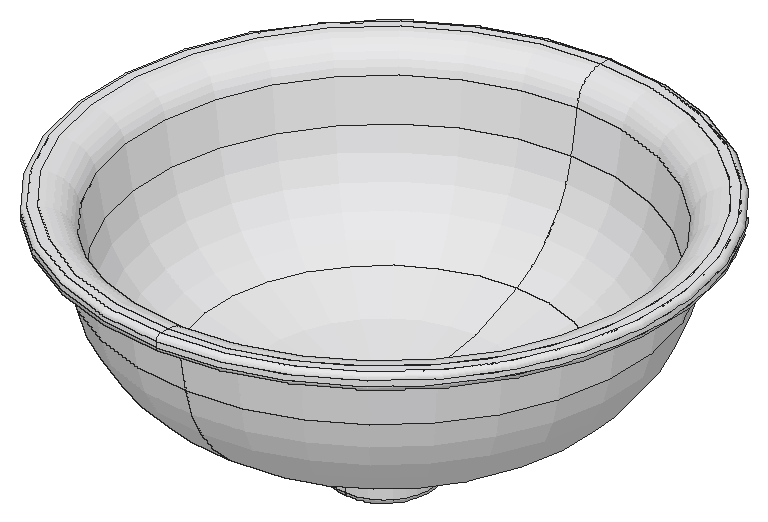
Revit family "Sink-Undermount-Lavatory-KOHLER-Caxton_Round-K-29000_1", category Plumbing Fixtures, host Face, Revit 2022
Family settings
  Host = Face
  Round Connector Dimension = Use Diameter
  Part Type = Normal
  OmniClass Number = 23.31.13.00
  OmniClass Title = Sinks
  Cut with Voids When Loaded = No
  Maintain Annotation Orientation = No
  Shared = No
  Room Calculation Point = No
Parameters (values of type "0-White")
  Width = 16.11024"  # constant formula
  WaterSense Certified = 1 = 0  # no
  Waste Water Outlet = "Waste Water Outlet"  # constant formula
  Waste Connection = 1 = 1  # yes
  Vent Connection = 1 = 0  # no
  URL = "https://www.us.kohler.com/us/"
  Type = 1
  Product Page URL = "http://www.us.kohler.com/us/catalog/productDetails.jsp?productId=29000"
  Product Name = "Caxton Round"  # constant formula
  Product Documentation Link = "https://www.us.kohler.com/webassets/kpna/catalog/pdf/en/K-29000 spec_US-CA_Kohler_en.pdf"
  Model = if(Type = 1, "K-29000-0", if(Type = 2, "K-29000-7", if(Type = 3, "K-29000-96", "NA")))  # "K-29000-0"
  Material = "Vitrious China"  # constant formula
  Master Format 2014 Name = "Residential Lavatories and Sinks"  # constant formula
  Master Format 2014 = "22 41 16"  # constant formula
  Manufacturer Address = "444 Highland Dr, Kohler, WI 53044"  # constant formula
  Manufacturer = "Kohler Co."  # constant formula
  Length = 16.11024"  # constant formula
  Hot Water Inlet = "Hot Water Inlet"  # constant formula
  Height = 7.05118"  # constant formula
  HW Connection = 1 = 0  # no
  Finish = Kohler-Vitreous_China-0-White
  Environmental Product Declaration = ""
  Drain Included = 1 = 0  # no
  Description = "Undercounter Lavatory"  # constant formula
  Default Elevation = 36"
  Declare Label = ""
  Date Modified = "06/24/2022"  # constant formula
  Date Created = "06/24/2022"  # constant formula
  Cutting Depth = 1"  # constant formula
  Copyright = "Copyright Kohler Co."  # constant formula
  Contact Us = "https://www.us.kohler.com/us/static/contact.jsp"
  Cold Water Inlet = "Cold Water Inlet"  # constant formula
  CW Connection = 1 = 0  # no
  Assembly Code = "D2010400"
  ADA Compliant = 1 = 1  # yes
Types (4): name | Type | Model | Finish
  (no name) | 1 | "K-29000-0" | Kohler-Vitreous_China-0-White
  0-White | 1 | "K-29000-0" | Kohler-Vitreous_China-0-White
  7-Black Black | 2 | "K-29000-7" | Kohler-Vitreous_China-7-Black_Black
  96-Biscuit | 3 | "K-29000-96" | Kohler-Vitreous_China-96-Biscuit
Reference planes (in)
  plane 1 "Center (Front/Back)": y = 0
  plane 2: z = 0
  plane 3 "Center (Left/Right)": x = 0
  plane 4: x = -8.05512
  plane 5: x = 8.05512
  plane 6: y = 8.05512
  plane 7: y = -8.05512
  plane 8: z = -1
  plane 9: z = -8.05118
  plane 10: y = 9.44882
  plane 11: z = -1.44094
Forms (in)
  Extrusion 1, void
    sketch origin (0, 0, 0) x (1, 0, 0) y (0, 1, 0)
      loop
        circle (0, 0) r 8.07087
    from -8.05118 to -1
  Extrusion 2, void
    sketch origin (0, 0, 0) x (1, 0, 0) y (0, 1, 0)
      loop
        circle (0, 0.0055) r 6.92913
    from -1 to 1.87302
Dimensions and locks (in)
  "Cutting Depth": plane 2 to plane 8
  "Length": plane 4 to plane 5
  "Width": plane 6 to plane 7
  "Height": plane 8 to plane 9
  locked: plane 1 "Center (Front/Back)" to plane 10 at 9.44882
  locked: plane 8 to plane 11 at 0.44094
  aligned and locked: plane 2 to host face
  aligned and locked: level to host face
  aligned and locked: plane 3 "Center (Left/Right)" to nested 1
  aligned and locked: plane 1 "Center (Front/Back)" to nested 1
  aligned and locked: plane 8 to nested 1
  aligned and locked: plane 8 to Extrusion 1
  aligned and locked: plane 9 to Extrusion 1
  aligned and locked: Extrusion 2 to plane 8
Automatic sketch dimensions
  host sketch curve to host sketch curve = 96"  (x2)
  plane 1 "Center (Front/Back)" to Extrusion 1 sketch curve = 0"
  Extrusion 1 sketch curve to plane 3 "Center (Left/Right)" = 0"
  Extrusion 2 sketch curve to plane 3 "Center (Left/Right)" = 0"
  Extrusion 2 sketch curve to plane 1 "Center (Front/Back)" = 0.0055"
  radius of Extrusion 1 sketch curve = 8.07087"
  radius of Extrusion 2 sketch curve = 6.92913"
Nested families (in)
  nested 1: "K-29000" at (0, 0, -8.05118), type "K-29000"
Connectors (in)
  piping at (0, 0, -8.05118), diameter 1.25197, driven by "Waste Connection", driven by "Waste Water Outlet"
    settings: on nested 1, index 1, connector inside diameter 24", connector length 0", flow factor 0, pipe flow 0 GPM, pressure drop 0.00 psi, fitting loss kfactor 0, connector angle 0.00°, fixture units 0, engagement length 0", angle of deflection 0.00°, flow configuration 0, flow direction 2, fitting loss method 0, system type 16, joint type 0, gender type 0, connector reference index -1, connector utility 1, adjustable connector no, is connector primary yes, connector description "Waste Water Outlet"
Definition of nested family "K-29000"
  Parameters
    Material = none
    Default Elevation = 0"
  Reference planes (in)
    plane 1 "Center (Front/Back)": y = 0
    plane 2: z = 0
    plane 3 "Center (Left/Right)": x = 0
    plane 4: x = 8.05512
    plane 5: x = -8.05512
    plane 6: y = 8.05512
    plane 7: y = -8.05512
    plane 8: z = 7.05118
    plane 9: z = 6.61024
    plane 10: y = 6.87795
    plane 11: x = -6.87795
    plane 12: y = -6.87795
    plane 13: x = 6.87795
    plane 14: z = 0
  Forms (in)
    Revolve 1, solid, material <- "Material", detail levels medium+fine
      sketch origin (0, 0, 0) x (0, 1, 0) y (0, 0, 1)
        loop
          line (0, 1.24185) -> (0, 1.57406)
          arc (0, 1.57406) -> (-0.84092, 1.57238) -> (-1.6815, 1.59647) r 27.42399
          arc (-1.6815, 1.59647) -> (-1.52317, 1.43856) -> (-1.45274, 1.22632) r 0.48393
          line (-1.45274, 1.22632) -> (-1.35605, 0.12111)
          arc (-1.35605, 0.12111) -> (-1.3253, 0.04538) -> (-1.25732, 0) r 0.13904
          line (-1.25732, 0) -> (-0.8723, 0)
          arc (-0.8723, 0) -> (-0.91893, 0.07328) -> (-0.94017, 0.1575) r 0.27289
          line (-0.94017, 0.1575) -> (-1.03518, 1.24343)
          arc (-1.03518, 1.24343) -> (-0.5176, 1.23779) -> (0, 1.24185) r 27.62085
        axis (0, 1.59647) -> (0, 0)
      angle from 0 to 360
    Revolve 2, solid, material <- "Material", detail levels medium+fine
      sketch origin (0, 0, 0) x (0, 1, 0) y (0, 0, 1)
        loop
          line (-0.81707, 1.57186) -> (-0.81707, 1.87848)
          arc (-0.81707, 1.87848) -> (-1.24941, 1.88311) -> (-1.6815, 1.89814) r 17.96627
          arc (-1.6815, 1.89814) -> (-3.23031, 2.12851) -> (-4.70158, 2.66445) r 7.77713
          arc (-4.70158, 2.66445) -> (-5.95589, 3.69454) -> (-6.60061, 5.18408) r 3.45107
          arc (-6.60061, 5.18408) -> (-6.6972, 5.74599) -> (-6.7928, 6.30806) r 324.92753
          arc (-6.7928, 6.30806) -> (-7.09653, 6.84052) -> (-7.6722, 7.05118) r 0.8919
          line (-7.6722, 7.05118) -> (-7.90796, 7.05118)
          arc (-7.90796, 7.05118) -> (-8.01202, 7.00808) -> (-8.05512, 6.90402) r 0.14716
          line (-8.05512, 6.90402) -> (-8.05512, 6.75591)
          arc (-8.05512, 6.75591) -> (-8.01245, 6.6529) -> (-7.90945, 6.61024) r 0.14567
          line (-7.90945, 6.61024) -> (-7.55584, 6.61024)
          arc (-7.55584, 6.61024) -> (-7.33205, 6.52564) -> (-7.2202, 6.31416) r 0.33828
          arc (-7.2202, 6.31416) -> (-7.13667, 5.75501) -> (-7.02728, 5.20033) r 12.18072
          arc (-7.02728, 5.20033) -> (-6.27384, 3.56564) -> (-4.90993, 2.39104) r 4.23835
          arc (-4.90993, 2.39104) -> (-3.34687, 1.77985) -> (-1.6815, 1.57186) r 6.77131
          line (-1.6815, 1.57186) -> (-0.81707, 1.57186)
        axis (0, 1.57186) -> (0, 7.05118)
      angle from 0 to 360
    Revolve 3, solid, detail levels medium+fine
      sketch origin (0, 0, 0) x (0, 1, 0) y (0, 0, 1)
        loop
          line (0, 1.73319) -> (0, 2.04132)
          arc (0, 2.04132) -> (-0.37699, 2.01566) -> (-0.74751, 1.94159) r 2.92283
          arc (-0.74751, 1.94159) -> (-0.76066, 1.93239) -> (-0.76485, 1.9169) r 0.0235
          arc (-0.76485, 1.9169) -> (-0.75811, 1.89394) -> (-0.74293, 1.87544) r 0.05999
          arc (-0.74293, 1.87544) -> (-0.77383, 1.89745) -> (-0.79971, 1.92519) r 0.18901
          arc (-0.79971, 1.92519) -> (-0.82643, 1.92963) -> (-0.83245, 1.90323) r 0.01975
          arc (-0.83245, 1.90323) -> (-0.8021, 1.8699) -> (-0.76579, 1.84319) r 0.22838
          line (-0.76579, 1.84319) -> (-0.69705, 1.73319) -> (0, 1.73319)
        axis (0, 1.73319) -> (0, 2.04132)
      angle from 0 to 360
    Extrusion 4, solid, material <- "Material", detail levels medium+fine
      sketch origin (0, 0, 0) x (1, 0, 0) y (0, 1, 0)
        loop
          circle (0, 0) r 1.03518
      from 0.20596 to 0.62967
    Revolve 5, solid, material <- "Material", detail levels coarse
      sketch origin (0, 0, 0) x (0, 1, 0) y (0, 0, 1)
        loop
          line (0.0055, 1.374) -> (0.0055, 1.57085) -> (-1.64515, 1.57085)
          arc (-1.64515, 1.57085) -> (-1.50963, 1.39498) -> (-1.44891, 1.18142) r 0.58857
          line (-1.44891, 1.18142) -> (-1.34555, 0) -> (-1.14795, 0) -> (-1.25281, 1.19858)
          arc (-1.25281, 1.19858) -> (-1.26571, 1.28731) -> (-1.28864, 1.374) r 0.78542
          line (-1.28864, 1.374) -> (0.0055, 1.374)
        axis (0.0055, 1.57085) -> (0.0055, 0)
      angle from 0 to 360
    Revolve 6, solid, material <- "Material", detail levels coarse
      sketch origin (0, 0, 0) x (0, 1, 0) y (0, 0, 1)
        loop
          line (0.0055, 1.57085) -> (0.0055, 2.0039) -> (-1.64936, 2.0039)
          arc (-1.64936, 2.0039) -> (-5.28758, 3.45838) -> (-6.85088, 7.05118) r 5.15251
          line (-6.85088, 7.05118) -> (-8.05512, 7.05118) -> (-8.05512, 6.61024) -> (-7.60443, 6.61024)
          arc (-7.60443, 6.61024) -> (-7.34885, 6.516) -> (-7.21562, 6.2784) r 0.3937
          arc (-7.21562, 6.2784) -> (-5.30476, 2.88998) -> (-1.64515, 1.57085) r 5.58558
          line (-1.64515, 1.57085) -> (0.0055, 1.57085)
        axis (0.0055, 1.57085) -> (0.0055, 7.05118)
      angle from 0 to 360
  Lines and regions (in)
    Masking region 1
      outline origin (0, 0, 0) x (1, 0, 0) y (0, 1, 0)
        loop
          circle (0, 0) r 8.05512
    Masking region 2
      outline origin (0, 0, 0) x (1, 0, 0) y (0, 0, 1)
        loop
          arc (-7.92126, 7.05118) -> (-8.01591, 7.01197) -> (-8.05512, 6.91732) r 0.13386
          line (-8.05512, 6.91732) -> (-8.05512, 6.74409)
          arc (-8.05512, 6.74409) -> (-8.01591, 6.64944) -> (-7.92126, 6.61024) r 0.13386
          line (-7.92126, 6.61024) -> (-7.55032, 6.61024)
          arc (-7.55032, 6.61024) -> (-7.32059, 6.5195) -> (-7.21486, 6.29628) r 0.3362
          arc (-7.21486, 6.29628) -> (-7.10284, 5.47836) -> (-6.87795, 4.68404) r 5.91033
          arc (-6.87795, 4.68404) -> (-5.65968, 2.87487) -> (-3.72955, 1.85905) r 4.46316
          arc (-3.72955, 1.85905) -> (-2.71272, 1.66885) -> (-1.68151, 1.5867) r 9.81813
          arc (-1.68151, 1.5867) -> (-1.51912, 1.37942) -> (-1.44643, 1.12634) r 0.68842
          line (-1.44643, 1.12634) -> (-1.35858, 0.12219)
          arc (-1.35858, 0.12219) -> (-1.31566, 0.03517) -> (-1.22523, 0) r 0.13386
          line (-1.22523, 0) -> (1.22523, 0)
          arc (1.22523, 0) -> (1.31566, 0.03517) -> (1.35858, 0.12219) r 0.13386
          line (1.35858, 0.12219) -> (1.44643, 1.12634)
          arc (1.44643, 1.12634) -> (1.51912, 1.37942) -> (1.68151, 1.5867) r 0.68842
          arc (1.68151, 1.5867) -> (2.71272, 1.66885) -> (3.72955, 1.85905) r 9.81813
          arc (3.72955, 1.85905) -> (5.65968, 2.87487) -> (6.87795, 4.68404) r 4.46316
          arc (6.87795, 4.68404) -> (7.10284, 5.47836) -> (7.21486, 6.29628) r 5.91033
          arc (7.21486, 6.29628) -> (7.32059, 6.5195) -> (7.55032, 6.61024) r 0.3362
          line (7.55032, 6.61024) -> (7.92126, 6.61024)
          arc (7.92126, 6.61024) -> (8.01591, 6.64944) -> (8.05512, 6.74409) r 0.13386
          line (8.05512, 6.74409) -> (8.05512, 6.9165)
          arc (8.05512, 6.9165) -> (8.01567, 7.01173) -> (7.92043, 7.05118) r 0.13469
          line (7.92043, 7.05118) -> (-7.92126, 7.05118)
    Masking region 3
      outline origin (0, 0, 0) x (0, 1, 0) y (0, 0, 1)
        loop
          arc (-8.05512, 6.74409) -> (-8.01591, 6.64944) -> (-7.92126, 6.61024) r 0.13386
          line (-7.92126, 6.61024) -> (-7.60443, 6.61024)
          arc (-7.60443, 6.61024) -> (-7.33688, 6.50536) -> (-7.21188, 6.24661) r 0.3937
          arc (-7.21188, 6.24661) -> (-7.09736, 5.45376) -> (-6.87795, 4.68332) r 5.98363
          arc (-6.87795, 4.68332) -> (-6.13306, 3.38118) -> (-4.98645, 2.41384) r 4.30336
          arc (-4.98645, 2.41384) -> (-3.37487, 1.75823) -> (-1.64515, 1.57085) r 6.26827
          arc (-1.64515, 1.57085) -> (-1.50963, 1.39498) -> (-1.44891, 1.18142) r 0.58857
          line (-1.44891, 1.18142) -> (-1.35624, 0.12219)
          arc (-1.35624, 0.12219) -> (-1.31333, 0.03517) -> (-1.22289, 0) r 0.13386
          line (-1.22289, 0) -> (0.0055, 0) -> (1.22289, 0)
          arc (1.22289, 0) -> (1.31333, 0.03517) -> (1.35624, 0.12219) r 0.13386
          line (1.35624, 0.12219) -> (1.44891, 1.18142)
          arc (1.44891, 1.18142) -> (1.50963, 1.39498) -> (1.64515, 1.57085) r 0.58857
          arc (1.64515, 1.57085) -> (3.37487, 1.75823) -> (4.98645, 2.41384) r 6.26827
          arc (4.98645, 2.41384) -> (6.13306, 3.38118) -> (6.87795, 4.68332) r 4.30336
          arc (6.87795, 4.68332) -> (7.09736, 5.45376) -> (7.21188, 6.24661) r 5.98363
          arc (7.21188, 6.24661) -> (7.33688, 6.50536) -> (7.60443, 6.61024) r 0.3937
          line (7.60443, 6.61024) -> (7.92126, 6.61024)
          arc (7.92126, 6.61024) -> (8.01591, 6.64944) -> (8.05512, 6.74409) r 0.13386
          line (8.05512, 6.74409) -> (8.05512, 6.90333)
          arc (8.05512, 6.90333) -> (8.02147, 7.00689) -> (7.92199, 7.05118) r 0.13386
          line (7.92199, 7.05118) -> (-7.92199, 7.05118)
          arc (-7.92199, 7.05118) -> (-8.02147, 7.00689) -> (-8.05512, 6.90333) r 0.13386
          line (-8.05512, 6.90333) -> (-8.05512, 6.74409)
    symbolic lines
      curve 1: circle (0, 0, 0) r 6.87795 normal (0, 0, 1)
      curve 5: circle (0, 0, 0) r 1.6815 normal (0, 0, 1)
    symbolic lines, detail levels medium+fine
      curve 2: arc (7.89764, 0, 0) -> (0, 7.89764, 0) -> (-7.89764, 0, 0) r 7.89764
      curve 3: arc (-7.89764, 0, 0) -> (0, -7.89764, 0) -> (7.89764, 0, 0) r 7.89764
      curve 4: circle (0, 0, 0) r 6.72047 normal (0, 0, 1)
      curve 6: circle (0, 0, 0) r 1.5748 normal (0, 0, 1)
      curve 7: line (-8.05512, 0, 6.91732) -> (8.05512, 0, 6.91732)
      curve 8: line (8.05512, 0, 6.74409) -> (-8.05512, 0, 6.74409)
      curve 9: line (-7.21486, 0, 6.29628) -> (7.21486, 0, 6.29628)
      curve 10: line (-1.68151, 0, 1.5867) -> (1.68151, 0, 1.5867)
      curve 11: line (-1.44643, 0, 1.12634) -> (1.44643, 0, 1.12634)
      curve 12: line (-1.35858, 0, 0.12219) -> (1.35858, 0, 0.12219)
      curve 13: line (-7.55032, 0, 6.61024) -> (7.55032, 0, 6.61024)
      curve 14: line (0, 8.05512, 6.90333) -> (0, -8.05512, 6.90333)
      curve 15: line (0, -8.05512, 6.90333) -> (0, -8.05512, 6.74409)
      curve 16: line (0, -8.05512, 6.74409) -> (0, 8.05512, 6.74409)
      curve 17: line (0, 7.60443, 6.61024) -> (0, -7.60443, 6.61024)
      curve 18: line (0, -7.21188, 6.24661) -> (0, 7.21188, 6.24661)
      curve 19: line (0, 1.64515, 1.57085) -> (0, -1.64515, 1.57085)
      curve 20: line (0, 1.44891, 1.18142) -> (0, -1.44891, 1.18142)
      curve 21: line (0, 1.35624, 0.12219) -> (0, -1.35624, 0.12219)
  Dimensions and locks (in)
    locked: plane 3 "Center (Left/Right)" to plane 4 at 8.05512
    locked: plane 10 to plane 6 at 1.17717
    locked: plane 5 to plane 4 at 16.11024
    aligned and locked: plane 2 to level
  Automatic sketch dimensions
    curve 8 to plane 5 = 0"
    curve 7 to plane 5 = 0"
    curve 13 to plane 9 = 0"
    curve 8 to plane 4 = 0"
    plane 5 to curve 13 = 0.5048"
    curve 9 to plane 11 = 0.3369"
    curve 10 to plane 3 "Center (Left/Right)" = 1.68151"
    curve 10 to curve 11 = 0.23509"
    level to curve 12 = 0.12219"
    curve 11 to curve 12 = 0.08785"
    plane 3 "Center (Left/Right)" to curve 12 = 1.35858"
    curve 12 to curve 11 = 0.08785"
    curve 11 to curve 10 = 0.23509"
    plane 13 to curve 9 = 0.3369"
    curve 9 to curve 13 = 0.33547"
    curve 7 to plane 4 = 0"
    curve 9 to plane 9 = 0.31396"
    curve 12 to curve 10 = 1.46451"
    curve 11 to curve 10 = 0.46036"
    plane 9 to curve 8 = 0.13386"
    curve 7 to plane 8 = 0.13386"
    Revolve 1 sketch curve to level = 0"  (x2)
    Revolve 1 sketch curve to plane 1 "Center (Front/Back)" = 0"  (x2)
    plane 1 "Center (Front/Back)" to Revolve 1 sketch curve = 0.47553"
    Revolve 1 sketch curve to Revolve 1 sketch curve = 0"
    level to Revolve 1 sketch curve = 0.18128"
    plane 1 "Center (Front/Back)" to Revolve 1 sketch curve = 0.66831"
    Revolve 1 sketch curve to Revolve 1 sketch curve = 0.20398"
    level to Revolve 1 sketch curve = 0.1575"
    plane 1 "Center (Front/Back)" to Revolve 1 sketch curve = 1.03518"
    Revolve 1 sketch curve to Revolve 1 sketch curve = 71/256"
    Revolve 1 sketch curve to Revolve 1 sketch curve = 0.03978"
    level to Revolve 1 sketch curve = 31/256"
    Revolve 1 sketch curve to Revolve 1 sketch curve = 0.13851"
    Revolve 1 sketch curve to Revolve 1 sketch curve = 0.41756"
    Revolve 1 sketch curve to Revolve 1 sketch curve = 0.48209"
    level to Revolve 1 sketch curve = 1.18414"
    Revolve 1 sketch curve to Revolve 1 sketch curve = 0.04218"
    level to Revolve 1 sketch curve = 1.24185"
    Revolve 1 sketch curve to Revolve 1 sketch curve = 0.01711"
    Revolve 1 sketch curve to Revolve 1 sketch curve = 0.33221"
    Revolve 1 sketch curve to Revolve 1 sketch curve = 0.13533"
    Revolve 1 sketch curve to Revolve 1 sketch curve = 0.7874"
    plane 1 "Center (Front/Back)" to Masking region 1 sketch curve = 0"
    Masking region 1 sketch curve to plane 3 "Center (Left/Right)" = 0"
    Masking region 2 sketch curve to plane 5 = 0"
    Masking region 2 sketch curve to plane 9 = 0"  (x2)
    Masking region 2 sketch curve to plane 8 = 0"
    Masking region 2 sketch curve to plane 11 = 0"  (x2)
    Masking region 2 sketch curve to level = 0"
    Masking region 2 sketch curve to plane 13 = 0"  (x2)
    Masking region 2 sketch curve to plane 4 = 0"
    Masking region 2 sketch curve to Masking region 2 sketch curve = 0.13386"  (x2)
    plane 5 to Masking region 2 sketch curve = 0.13386"
    Masking region 2 sketch curve to Masking region 2 sketch curve = 0.37094"
    Masking region 2 sketch curve to plane 9 = 0.41344"  (x2)
    Masking region 2 sketch curve to plane 3 "Center (Left/Right)" = 2.67899"
    level to Masking region 2 sketch curve = 1.06634"  (x2)
    Masking region 2 sketch curve to plane 3 "Center (Left/Right)" = 2.13222"
    Masking region 2 sketch curve to Masking region 2 sketch curve = 0.6858"  (x2)
    Masking region 2 sketch curve to plane 3 "Center (Left/Right)" = 1.4185"
    level to Masking region 2 sketch curve = 0.12219"  (x2)
    Masking region 2 sketch curve to Masking region 2 sketch curve = 0.08785"  (x2)
    plane 9 to Masking region 2 sketch curve = 0.07707"  (x2)
    Masking region 2 sketch curve to plane 3 "Center (Left/Right)" = 1.31748"
    Masking region 2 sketch curve to Masking region 2 sketch curve = 0.13335"  (x2)
    plane 3 "Center (Left/Right)" to Masking region 2 sketch curve = 1.22523"
    plane 3 "Center (Left/Right)" to Masking region 2 sketch curve = 1.31748"
    plane 3 "Center (Left/Right)" to Masking region 2 sketch curve = 1.4185"
    Masking region 2 sketch curve to Masking region 2 sketch curve = 1.36151"
    Masking region 2 sketch curve to plane 4 = 0.5048"
    Masking region 2 sketch curve to plane 4 = 0.13469"
    Masking region 2 sketch curve to Masking region 2 sketch curve = 0.06"  (x2)
    Masking region 2 sketch curve to plane 9 = 0.3362"  (x2)
    plane 8 to Masking region 2 sketch curve = 4.35012"
    Masking region 2 sketch curve to Masking region 2 sketch curve = 0"  (x3)
    Masking region 2 sketch curve to Masking region 2 sketch curve = 0.23509"
    Masking region 3 sketch curve to plane 7 = 0"
    Masking region 3 sketch curve to plane 8 = 0"
    Masking region 3 sketch curve to plane 9 = 0"  (x2)
    Masking region 3 sketch curve to plane 12 = 0"  (x2)
    Masking region 3 sketch curve to level = 0"
    Masking region 3 sketch curve to plane 10 = 0"  (x2)
    Masking region 3 sketch curve to plane 6 = 0"
    Masking region 3 sketch curve to plane 7 = 0.13312"
    Masking region 3 sketch curve to plane 7 = 0.13386"
    Masking region 3 sketch curve to Masking region 3 sketch curve = 0"  (x2)
    Masking region 3 sketch curve to plane 7 = 0.45069"
    Masking region 3 sketch curve to plane 9 = 0.47388"  (x2)
    plane 1 "Center (Front/Back)" to Masking region 3 sketch curve = 2.82732"
    plane 1 "Center (Front/Back)" to Masking region 3 sketch curve = 2.03524"
    plane 8 to Masking region 3 sketch curve = 0.78487"  (x2)
    plane 1 "Center (Front/Back)" to Masking region 3 sketch curve = 1.84146"
    Masking region 3 sketch curve to Masking region 3 sketch curve = 0.58633"  (x2)
    level to Masking region 3 sketch curve = 0.12219"  (x2)
    Masking region 3 sketch curve to Masking region 3 sketch curve = 0.09267"  (x2)
    plane 9 to Masking region 3 sketch curve = 0.09346"  (x2)
    plane 1 "Center (Front/Back)" to Masking region 3 sketch curve = 1.24573"
    Masking region 3 sketch curve to Masking region 3 sketch curve = 0.13335"  (x2)
    Masking region 3 sketch curve to plane 1 "Center (Front/Back)" = 0.0055"
    Masking region 3 sketch curve to Masking region 3 sketch curve = 1.21739"
    Masking region 3 sketch curve to plane 1 "Center (Front/Back)" = 1.24573"
    Masking region 3 sketch curve to Masking region 3 sketch curve = 0.59573"
    Masking region 3 sketch curve to Masking region 3 sketch curve = 1.58159"
    plane 6 to Masking region 3 sketch curve = 0.45069"
    plane 6 to Masking region 3 sketch curve = 0.13386"
    plane 6 to Masking region 3 sketch curve = 0.13312"
    level to Masking region 3 sketch curve = 1.13012"  (x2)
    Masking region 3 sketch curve to Masking region 3 sketch curve = 0.0513"  (x2)
    Masking region 3 sketch curve to Masking region 3 sketch curve = 0.3937"  (x2)
    Masking region 3 sketch curve to plane 8 = 0.14786"  (x2)
    Masking region 3 sketch curve to Masking region 3 sketch curve = 0.19624"
    curve 14 to plane 7 = 0"
    curve 17 to plane 9 = 0"
    curve 14 to plane 6 = 0"
    curve 16 to plane 6 = 0"
    plane 9 to curve 16 = 0.13386"
    curve 14 to plane 8 = 0.14786"
    curve 17 to plane 7 = 0.45069"
    plane 12 to curve 18 = 0.33393"
    plane 1 "Center (Front/Back)" to curve 19 = 1.64515"
    curve 19 to curve 20 = 0.19624"
    level to curve 21 = 0.12219"
    curve 20 to curve 21 = 0.09267"
    curve 21 to plane 1 "Center (Front/Back)" = 1.35624"
    curve 21 to curve 20 = 0.09267"
    curve 20 to curve 19 = 0.19624"
    curve 18 to plane 10 = 0.33393"
    plane 6 to curve 17 = 0.45069"
    curve 18 to plane 9 = 0.36363"
    curve 21 to curve 19 = 1.44866"
    curve 20 to curve 19 = 0.38943"
    plane 1 "Center (Front/Back)" to Extrusion 4 sketch curve = 0"
    Extrusion 4 sketch curve to plane 3 "Center (Left/Right)" = 0"
    Revolve 5 sketch curve to Revolve 5 sketch curve = 0"  (x3)
    Revolve 5 sketch curve to level = 0"
    plane 1 "Center (Front/Back)" to Revolve 5 sketch curve = 2.03524"
    Revolve 5 sketch curve to Revolve 5 sketch curve = 0.39009"
    Revolve 5 sketch curve to Revolve 5 sketch curve = 0.19624"
    Revolve 5 sketch curve to Revolve 5 sketch curve = 0.10336"
    level to Revolve 5 sketch curve = 1.13012"
    Revolve 5 sketch curve to Revolve 5 sketch curve = 0.0513"
    Revolve 5 sketch curve to Revolve 5 sketch curve = 0.35651"
    Revolve 5 sketch curve to Revolve 5 sketch curve = 0.1961"
    level to Revolve 5 sketch curve = 0"
    Revolve 5 sketch curve to Revolve 5 sketch curve = 0.1976"
    Revolve 5 sketch curve to level = 0.36912"
    Revolve 5 sketch curve to Revolve 5 sketch curve = 0.01716"
    Revolve 5 sketch curve to plane 1 "Center (Front/Back)" = 0.0055"
    Revolve 6 sketch curve to Revolve 6 sketch curve = 0"  (x3)
    Revolve 6 sketch curve to plane 7 = 0"
    Revolve 6 sketch curve to plane 9 = 0"
    Revolve 6 sketch curve to plane 8 = 0"  (x2)
    Revolve 6 sketch curve to Revolve 6 sketch curve = 0.45069"
    Revolve 6 sketch curve to plane 12 = 0.02707"
    plane 8 to Revolve 6 sketch curve = 0.10498"
    plane 1 "Center (Front/Back)" to Revolve 6 sketch curve = 1.64936"
    Revolve 6 sketch curve to plane 1 "Center (Front/Back)" = 0.0055"  (x2)
    Revolve 6 sketch curve to Revolve 6 sketch curve = 0.3937"
    Revolve 6 sketch curve to Revolve 6 sketch curve = 0.00421"
    Revolve 6 sketch curve to Revolve 6 sketch curve = 0.43305"
    Revolve 6 sketch curve to Revolve 6 sketch curve = 1 3/4"
    Revolve 2 sketch curve to plane 7 = 0"
    Revolve 2 sketch curve to plane 9 = 0"
    Revolve 2 sketch curve to plane 8 = 0"
    Revolve 2 sketch curve to plane 1 "Center (Front/Back)" = 0"
    Revolve 2 sketch curve to plane 7 = 0.14567"
    Revolve 2 sketch curve to plane 7 = 0.14716"
    Revolve 2 sketch curve to plane 7 = 0.38291"
    Revolve 2 sketch curve to Revolve 2 sketch curve = 0.35361"
    Revolve 2 sketch curve to plane 9 = 0.83854"
    plane 1 "Center (Front/Back)" to Revolve 2 sketch curve = 3.19993"
    Revolve 2 sketch curve to Revolve 2 sketch curve = 0.31077"
    plane 1 "Center (Front/Back)" to Revolve 2 sketch curve = 1.6815"
    plane 1 "Center (Front/Back)" to Revolve 2 sketch curve = 1.31756"
    plane 1 "Center (Front/Back)" to Revolve 2 sketch curve = 0.84075"
    plane 1 "Center (Front/Back)" to Revolve 2 sketch curve = 0.81707"
    plane 8 to Revolve 2 sketch curve = 0.78258"
    plane 10 to Revolve 2 sketch curve = 2.01259"
    plane 8 to Revolve 2 sketch curve = 53.4585"
    Revolve 2 sketch curve to plane 6 = 305.527"
    level to Revolve 2 sketch curve = 1.87848"
    Revolve 2 sketch curve to Revolve 2 sketch curve = 0.30661"
    Revolve 2 sketch curve to Revolve 2 sketch curve = 0.34495"
    Revolve 2 sketch curve to plane 9 = 0.45096"
    Revolve 2 sketch curve to Revolve 2 sketch curve = 0.11268"
    plane 8 to Revolve 2 sketch curve = 1.292"
    Revolve 2 sketch curve to Revolve 2 sketch curve = 1.32358"
    Revolve 2 sketch curve to Revolve 2 sketch curve = 10.17798"
    Revolve 2 sketch curve to Revolve 2 sketch curve = 0"  (x5)
    Revolve 2 sketch curve to Revolve 2 sketch curve = 0.80707"
    Revolve 2 sketch curve to Revolve 2 sketch curve = 0.7874"
    Revolve 3 sketch curve to Revolve 3 sketch curve = 0"  (x5)
    Revolve 3 sketch curve to plane 1 "Center (Front/Back)" = 0"  (x2)
    plane 1 "Center (Front/Back)" to Revolve 3 sketch curve = 0.64927"
    Revolve 3 sketch curve to Revolve 3 sketch curve = 0.04778"
    Revolve 3 sketch curve to Revolve 3 sketch curve = 0.0558"
    Revolve 3 sketch curve to Revolve 3 sketch curve = 0.03635"
    Revolve 3 sketch curve to Revolve 3 sketch curve = 0.02436"
    Revolve 3 sketch curve to Revolve 3 sketch curve = 0.074"
    Revolve 3 sketch curve to plane 1 "Center (Front/Back)" = 0.00953"
    Revolve 3 sketch curve to level = 0.8815"
    Revolve 3 sketch curve to Revolve 3 sketch curve = 0.11"
    Revolve 3 sketch curve to Revolve 3 sketch curve = 0.07004"
    Revolve 3 sketch curve to Revolve 3 sketch curve = 0.00565"
    Revolve 3 sketch curve to Revolve 3 sketch curve = 0.00309"
    Revolve 3 sketch curve to Revolve 3 sketch curve = 0.30813"
    Revolve 3 sketch curve to Revolve 3 sketch curve = 0.02286"
    Revolve 3 sketch curve to Revolve 3 sketch curve = 0.01572"
    Revolve 3 sketch curve to Revolve 3 sketch curve = 0.01703"
    Revolve 3 sketch curve to Revolve 3 sketch curve = 0.11073"
    Revolve 3 sketch curve to Revolve 3 sketch curve = 0.11498"
    curve 1 to curve 4 = 0"  (x2)
    curve 2 to curve 5 = 0"  (x2)
    curve 4 to curve 6 = 0"  (x2)
    curve 5 to curve 6 = 0"  (x2)
    plane 1 "Center (Front/Back)" to curve 2 = 0"
    curve 6 to plane 3 "Center (Left/Right)" = 0"
    plane 5 to curve 3 = 0.15748"
    radius of Masking region 1 sketch curve = 8.05512"
    radius of Extrusion 4 sketch curve = 1.03518"
    radius of curve 1 = 6.87795"
    radius of curve 4 = 6.72047"
    radius of curve 5 = 1.6815"
    radius of curve 6 = 1.5748"
